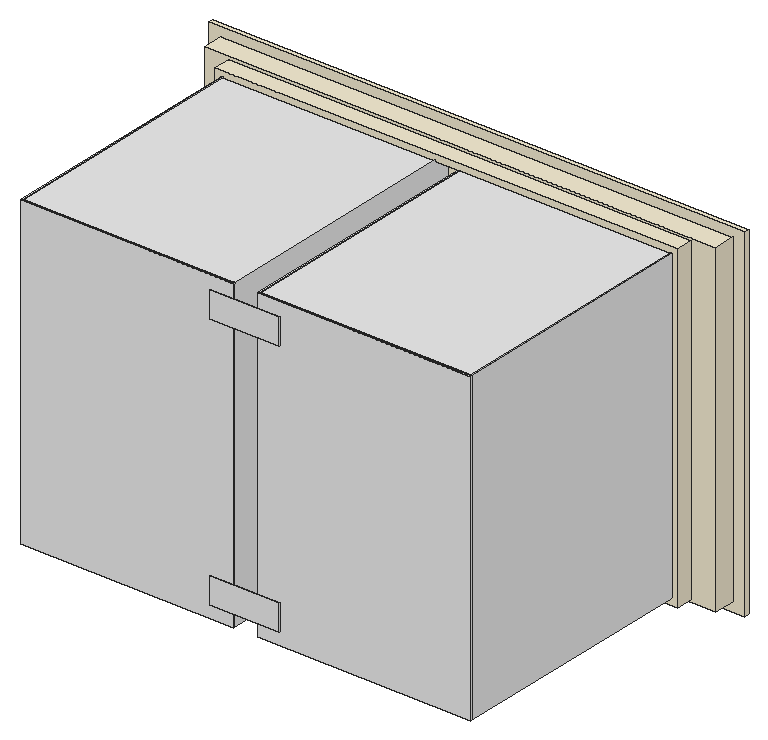
Revit family "4C-5_Door_High_Units_FL.rfa", category Specialty Equipment, host Wall, Revit 2016 (continued)
Definition of nested family "3700 Series 4C OM2 Configuration"
  Automatic sketch dimensions
    plane 26 "Top of Mail Drop Door" to Extrusion 15 sketch curve = 0.09984"
    Extrusion 15 sketch curve to Extrusion 15 sketch curve = 0.01632"
    plane 37 to Extrusion 15 sketch curve = 0.05062"
    Extrusion 15 sketch curve to plane 33 "Mail Slot Bottom Protusion" = 0.01599"
    plane 33 "Mail Slot Bottom Protusion" to Extrusion 15 sketch curve = 0.01227"
    plane 36 "Front of Awning" to Extrusion 15 sketch curve = 0.17915"
    plane 35 to Extrusion 15 sketch curve = 0.02246"
    Extrusion 15 sketch curve to Extrusion 15 sketch curve = 0.0724"
    plane 36 "Front of Awning" to Extrusion 15 sketch curve = 0.04696"
    plane 36 "Front of Awning" to Extrusion 15 sketch curve = 0.02469"
    plane 36 "Front of Awning" to Extrusion 15 sketch curve = 0.00781"
    Extrusion 15 sketch curve to Extrusion 15 sketch curve = 0.05983"
    Extrusion 4 sketch curve to plane 9 = 0.000"
    plane 11 "Center Lock Vertical" to Extrusion 4 sketch curve = 0.000"
    Extrusion 3 sketch curve to plane 9 = 0.000"
    plane 11 "Center Lock Vertical" to Extrusion 3 sketch curve = 0.000"
    radius of Blend 6 sketch curve = 0.15665"
    radius of Blend 6 sketch curve = 0.3125"
    radius of Blend 7 sketch curve = 0.15665"
    radius of Blend 7 sketch curve = 0.3125"
    radius of Blend 8 sketch curve = 0.15665"
    radius of Blend 8 sketch curve = 0.3125"
    radius of Blend 9 sketch curve = 0.15665"
    radius of Blend 9 sketch curve = 0.3125"
    radius of Blend 10 sketch curve = 0.15665"
    radius of Blend 10 sketch curve = 0.3125"
    radius of Blend 11 sketch curve = 0.15665"
    radius of Blend 11 sketch curve = 0.3125"
    radius of Extrusion 4 sketch curve = 0.42913"
    radius of Extrusion 3 sketch curve = 0.4375"
Definition of nested family "4C Latch Lock-Right"
  Parameters (values of type "Lock Latch")
    Width = 1.750"
    Type Comments = "Lock Latch for Aluminum Mailboxes"
    Visible Latch = yes
    Manufacturer = "Salsbury Industries"
    Height = 1.375"
    Depth = 0.244"
    Back Enclosure Material = none
  Reference planes (in)
    plane 1 "Center (Front/Back)": y = 0
    plane 2 "left": z = 0
    plane 3 "Center (Left/Right)": x = 0
    plane 4 "top": x = -0.875
    plane 5 "bottom": x = 0.875
    plane 6 "Front": y = 0.122
    plane 7 "Back": y = -0.122
    plane 8 "Vertical Center": z = 0.6875
    plane 9 "right": z = 1.375
    plane 10: x = -1
    plane 11: x = -1.125
  Forms (in)
    Extrusion 1, solid, material <- "Back Enclosure Material", visible <- "Visible Latch"
      sketch origin (-0.67187, 0, 0.67188) x (0, 0, -1) y (0, 1, 0)
        loop
          line (-0.22131, -0.0902) -> (-0.70312, -0.0902) -> (-0.70312, -0.12209) -> (-0.22129, -0.12209)
          arc (-0.22129, -0.12209) -> (-0.1389, -0.08579) -> (-0.11009, -0.00048) r 0.11165
          arc (-0.11009, -0.00048) -> (-0.01599, 0.09362) -> (0.07812, -0.00048) r 0.09411
          arc (0.07812, -0.00048) -> (0.10866, -0.08591) -> (0.19189, -0.122) r 0.11401
          line (0.19189, -0.122) -> (0.67187, -0.122) -> (0.67187, -0.08954) -> (0.19205, -0.08954)
          arc (0.19205, -0.08954) -> (0.13091, -0.06294) -> (0.10869, -0.00006) r 0.08357
          arc (0.10869, -0.00006) -> (-0.01625, 0.12487) -> (-0.14118, -0.00006) r 0.12494
          arc (-0.14118, -0.00006) -> (-0.16101, -0.06312) -> (-0.22131, -0.0902) r 0.08069
      from -0.20313 to 1.54687
    Extrusion 2, void
      sketch origin (-0.86719, 0.122, 0.78906) x (0, 0, -1) y (1, 0, 0)
        loop
          line (0.02064, 1.43976) -> (0.02064, 0.31562) -> (0.29045, 0.31562) -> (0.29045, 0.47278) -> (0.12796, 0.47278) -> (0.12796, 1.28526) -> (0.27447, 1.28526) -> (0.27447, 1.43976) -> (0.02064, 1.43976)
      from -0.01091 to 0.1442
    Blend 3, solid, material <- "Back Enclosure Material", visible <- "Visible Latch"
      base sketch origin (-0.95312, 0.122, 0.96875) x (0, 0, -1) y (1, 0, 0)
        loop
          circle (-0.1252, 1.55349) r 0.1
      top sketch origin (-0.95312, 0.122, 0.96875) x (0, 0, -1) y (1, 0, 0)
        loop
          circle (-0.1252, 1.55349) r 0.215
      from 0.16742 to 0.21154
    Blend 4, solid, material <- "Back Enclosure Material", visible <- "Visible Latch"
      base sketch origin (-0.95312, 0.122, -0.54015) x (0, 0, -1) y (1, 0, 0)
        loop
          circle (-0.8037, 1.55349) r 0.1
      top sketch origin (-0.95312, 0.122, -0.54015) x (0, 0, -1) y (1, 0, 0)
        loop
          circle (-0.8037, 1.55349) r 0.215
      from 0.16742 to 0.21154
    Blend 5, solid, material <- "Back Enclosure Material", visible <- "Visible Latch"
      base sketch origin (-1.95312, 0.122, 0.96875) x (0, 0, -1) y (1, 0, 0)
        loop
          circle (-0.1252, 1.36599) r 0.1
      top sketch origin (-1.95312, 0.122, 0.96875) x (0, 0, -1) y (1, 0, 0)
        loop
          circle (-0.1252, 1.36599) r 0.215
      from 0.16742 to 0.21154
    Blend 6, solid, material <- "Back Enclosure Material", visible <- "Visible Latch"
      base sketch origin (-1.95312, 0.122, -0.55578) x (0, 0, -1) y (1, 0, 0)
        loop
          circle (-0.8037, 1.36599) r 0.1
      top sketch origin (-1.95312, 0.122, -0.55578) x (0, 0, -1) y (1, 0, 0)
        loop
          circle (-0.8037, 1.36599) r 0.215
      from 0.16742 to 0.21154
    Extrusion 7, solid, material <- "Back Enclosure Material", visible <- "Visible Latch"
      sketch origin (-1.22585, -7.77812, 0.87452) x (0, 0, -1) y (0, 1, 0)
        loop
          circle (0.18702, 7.77784) r 0.09014
      from 0.10085 to 2.10085
    Extrusion 8, solid, material <- "Back Enclosure Material", visible <- "Visible Latch"
      sketch origin (-0.59584, -7.78798, 0.67188) x (1, 0, 0) y (0, 1, 0)
        loop
          circle (0.12087, 7.81979) r 0.05
      from 0.01562 to -0.5
    Extrusion 9, solid, material <- "Back Enclosure Material", visible <- "Visible Latch"
      sketch origin (-1.09375, -0.02845, 1.02999) x (0, 0, -1) y (1, 0, 0)
        loop
          line (0.68574, 0.09375) -> (0.68574, 0.12475) -> (-0.00176, 0.12475) -> (-0.00176, 0.09375) -> (0.68574, 0.09375)
      from -0.25 to 0.09355
    Extrusion 10, void
      sketch origin (-0.969, -7.77845, 0.87437) x (0, 0, -1) y (0, -1, 0)
        loop
          circle (0.18637, -7.77776) r 0.09325
      from 0 to 0.031
  Cuts and joins
    Extrusion 2 cuts Extrusion 1
    Extrusion 10 cuts Extrusion 9
  Dimensions and locks (in)
    equal spacing: plane 7 "Back", plane 1 "Center (Front/Back)", plane 6 "Front"
    "Depth": plane 7 "Back" to plane 6 "Front"
    equal spacing: plane 4 "top", plane 3 "Center (Left/Right)", plane 5 "bottom"
    "Width": plane 4 "top" to plane 5 "bottom"
    equal spacing: plane 9 "right", plane 8 "Vertical Center", plane 2 "left"
    "Height": plane 9 "right" to plane 2 "left"
    plane 10 to plane 4 "top" = 0.125"
    plane 11 to plane 4 "top" = 0.250"
    plane 10 to plane 11 = 0.125"
    aligned and locked: level to plane 2 "left"
  Automatic sketch dimensions
    Extrusion 1 sketch curve to plane 7 "Back" = 0.000"
    Extrusion 1 sketch curve to plane 7 "Back" = 0.0318"
    plane 9 "right" to Extrusion 1 sketch curve = 0.000"
    Extrusion 1 sketch curve to plane 8 "Vertical Center" = 0.20569"
    plane 7 "Back" to Extrusion 1 sketch curve = 0.00009"
    Extrusion 1 sketch curve to plane 8 "Vertical Center" = 0.20567"
    plane 1 "Center (Front/Back)" to Extrusion 1 sketch curve = 0.00006"
    Extrusion 1 sketch curve to plane 8 "Vertical Center" = 0.00062"
    Extrusion 1 sketch curve to Extrusion 1 sketch curve = 0.00026"
    Extrusion 1 sketch curve to Extrusion 1 sketch curve = 0.20788"
    Extrusion 1 sketch curve to Extrusion 1 sketch curve = 0.00016"
    Extrusion 1 sketch curve to level = 0.000"
    Extrusion 1 sketch curve to plane 7 "Back" = 0.03246"
    plane 1 "Center (Front/Back)" to Extrusion 1 sketch curve = 0.01045"
    Extrusion 1 sketch curve to Extrusion 1 sketch curve = 0.00094"
    Extrusion 1 sketch curve to Extrusion 1 sketch curve = 0.00201"
    Extrusion 2 sketch curve to plane 8 "Vertical Center" = 0.08092"
    plane 5 "bottom" to Extrusion 2 sketch curve = 0.45693"
    plane 8 "Vertical Center" to Extrusion 2 sketch curve = 0.0264"
    Extrusion 2 sketch curve to Extrusion 2 sketch curve = 0.16249"
    Extrusion 2 sketch curve to Extrusion 2 sketch curve = 0.14651"
    Extrusion 2 sketch curve to plane 3 "Center (Left/Right)" = 0.3944"
    Extrusion 2 sketch curve to plane 4 "top" = 0.32343"
    plane 5 "bottom" to Extrusion 2 sketch curve = 0.30243"
    plane 5 "bottom" to Blend 3 sketch curve = 0.27463"  (x2)
    Blend 3 sketch curve to plane 8 "Vertical Center" = 0.40645"  (x2)
    plane 5 "bottom" to Blend 4 sketch curve = 0.27463"  (x2)
    level to Blend 4 sketch curve = 0.26355"  (x2)
    Blend 5 sketch curve to plane 8 "Vertical Center" = 0.40645"  (x2)
    Blend 5 sketch curve to plane 3 "Center (Left/Right)" = 0.58713"  (x2)
    level to Blend 6 sketch curve = 0.24792"  (x2)
    Blend 6 sketch curve to plane 3 "Center (Left/Right)" = 0.58713"  (x2)
    plane 1 "Center (Front/Back)" to Extrusion 7 sketch curve = 0.00028"
    plane 8 "Vertical Center" to Extrusion 7 sketch curve = 0.000"
    Extrusion 8 sketch curve to plane 1 "Center (Front/Back)" = 0.03181"
    Extrusion 8 sketch curve to plane 4 "top" = 0.40003"
    Extrusion 9 sketch curve to plane 8 "Vertical Center" = 0.34425"
    level to Extrusion 9 sketch curve = 0.34425"
    plane 4 "top" to Extrusion 9 sketch curve = 0.125"
    Extrusion 9 sketch curve to Extrusion 9 sketch curve = 0.031"
    plane 1 "Center (Front/Back)" to Extrusion 10 sketch curve = 0.0007"
    Extrusion 10 sketch curve to plane 8 "Vertical Center" = 0.0005"
    radius of Blend 3 sketch curve = 0.100"
    radius of Blend 3 sketch curve = 0.215"
    radius of Blend 4 sketch curve = 0.100"
    radius of Blend 4 sketch curve = 0.215"
    radius of Blend 5 sketch curve = 0.100"
    radius of Blend 5 sketch curve = 0.215"
    radius of Blend 6 sketch curve = 0.100"
    radius of Blend 6 sketch curve = 0.215"
    radius of Extrusion 7 sketch curve = 0.09014"
    radius of Extrusion 8 sketch curve = 0.050"
    radius of Extrusion 10 sketch curve = 0.09325"
Definition of nested family "4C Latch Lock-Left"
  Parameters (values of type "Lock Latch")
    Width = 1.750"
    Type Comments = "Lock Latch for Aluminum Mailboxes"
    Visible Latch = yes
    Manufacturer = "Salsbury Industries"
    Height = 1.375"
    Depth = 0.244"
    Back Enclosure Material = none
  Reference planes (in)
    plane 1 "Center (Front/Back)": y = 0
    plane 2 "left": z = 0
    plane 3 "Center (Left/Right)": x = 0
    plane 4 "top": x = -0.875
    plane 5 "bottom": x = 0.875
    plane 6 "Front": y = 0.122
    plane 7 "Back": y = -0.122
    plane 8 "Vertical Center": z = 0.6875
    plane 9 "right": z = 1.375
    plane 10: x = 1
    plane 11: x = 1.125
  Forms (in)
    Extrusion 1, solid, material <- "Back Enclosure Material", visible <- "Visible Latch"
      sketch origin (-0.67187, 0, 0.67188) x (0, 0, -1) y (0, 1, 0)
        loop
          line (-0.22131, -0.0902) -> (-0.70312, -0.0902) -> (-0.70312, -0.12209) -> (-0.22129, -0.12209)
          arc (-0.22129, -0.12209) -> (-0.1389, -0.08579) -> (-0.11009, -0.00048) r 0.11165
          arc (-0.11009, -0.00048) -> (-0.01599, 0.09362) -> (0.07812, -0.00048) r 0.09411
          arc (0.07812, -0.00048) -> (0.10866, -0.08591) -> (0.19189, -0.122) r 0.11401
          line (0.19189, -0.122) -> (0.67187, -0.122) -> (0.67187, -0.08954) -> (0.19205, -0.08954)
          arc (0.19205, -0.08954) -> (0.13091, -0.06294) -> (0.10869, -0.00006) r 0.08357
          arc (0.10869, -0.00006) -> (-0.01625, 0.12487) -> (-0.14118, -0.00006) r 0.12494
          arc (-0.14118, -0.00006) -> (-0.16101, -0.06312) -> (-0.22131, -0.0902) r 0.08069
      from -0.20313 to 1.54687
    Extrusion 2, void
      sketch origin (-0.86719, 0.122, 0.78906) x (0, 0, -1) y (1, 0, 0)
        loop
          line (0.02064, 1.43976) -> (0.02064, 0.31562) -> (0.29045, 0.31562) -> (0.29045, 0.47278) -> (0.12796, 0.47278) -> (0.12796, 1.28526) -> (0.27447, 1.28526) -> (0.27447, 1.43976) -> (0.02064, 1.43976)
      from -0.01091 to 0.1442
    Blend 3, solid, material <- "Back Enclosure Material", visible <- "Visible Latch"
      base sketch origin (-0.95312, 0.122, 0.96875) x (0, 0, -1) y (1, 0, 0)
        loop
          circle (-0.1252, 1.55349) r 0.1
      top sketch origin (-0.95312, 0.122, 0.96875) x (0, 0, -1) y (1, 0, 0)
        loop
          circle (-0.1252, 1.55349) r 0.215
      from 0.16742 to 0.21154
    Blend 4, solid, material <- "Back Enclosure Material", visible <- "Visible Latch"
      base sketch origin (-0.95312, 0.122, -0.54015) x (0, 0, -1) y (1, 0, 0)
        loop
          circle (-0.8037, 1.55349) r 0.1
      top sketch origin (-0.95312, 0.122, -0.54015) x (0, 0, -1) y (1, 0, 0)
        loop
          circle (-0.8037, 1.55349) r 0.215
      from 0.16742 to 0.21154
    Blend 5, solid, material <- "Back Enclosure Material", visible <- "Visible Latch"
      base sketch origin (-1.95312, 0.122, 0.96875) x (0, 0, -1) y (1, 0, 0)
        loop
          circle (-0.1252, 1.36599) r 0.1
      top sketch origin (-1.95312, 0.122, 0.96875) x (0, 0, -1) y (1, 0, 0)
        loop
          circle (-0.1252, 1.36599) r 0.215
      from 0.16742 to 0.21154
    Blend 6, solid, material <- "Back Enclosure Material", visible <- "Visible Latch"
      base sketch origin (-1.95312, 0.122, -0.55578) x (0, 0, -1) y (1, 0, 0)
        loop
          circle (-0.8037, 1.36599) r 0.1
      top sketch origin (-1.95312, 0.122, -0.55578) x (0, 0, -1) y (1, 0, 0)
        loop
          circle (-0.8037, 1.36599) r 0.215
      from 0.16742 to 0.21154
    Extrusion 7, solid, material <- "Back Enclosure Material", visible <- "Visible Latch"
      sketch origin (-1.22585, -7.77812, 0.87452) x (0, 0, -1) y (0, 1, 0)
        loop
          circle (0.18702, 7.77784) r 0.09014
      from 0.35085 to 2.35085
    Extrusion 8, solid, material <- "Back Enclosure Material", visible <- "Visible Latch"
      sketch origin (0.37291, -7.78798, 0.67188) x (1, 0, 0) y (0, 1, 0)
        loop
          circle (0.12087, 7.81979) r 0.05
      from 0.01562 to -0.5
    Extrusion 9, solid, material <- "Back Enclosure Material", visible <- "Visible Latch"
      sketch origin (0.87525, -0.02845, 1.02999) x (0, 0, -1) y (1, 0, 0)
        loop
          line (0.68574, 0.09375) -> (0.68574, 0.12475) -> (-0.00176, 0.12475) -> (-0.00176, 0.09375) -> (0.68574, 0.09375)
      from -0.25 to 0.09355
    Extrusion 10, void
      sketch origin (1, -7.77845, 0.87437) x (0, 0, -1) y (0, -1, 0)
        loop
          circle (0.18637, -7.77776) r 0.09325
      from 0 to 0.031
  Cuts and joins
    Extrusion 2 cuts Extrusion 1
    Extrusion 10 cuts Extrusion 9
  Dimensions and locks (in)
    equal spacing: plane 7 "Back", plane 1 "Center (Front/Back)", plane 6 "Front"
    "Depth": plane 7 "Back" to plane 6 "Front"
    equal spacing: plane 4 "top", plane 3 "Center (Left/Right)", plane 5 "bottom"
    "Width": plane 4 "top" to plane 5 "bottom"
    equal spacing: plane 9 "right", plane 8 "Vertical Center", plane 2 "left"
    "Height": plane 9 "right" to plane 2 "left"
    plane 4 "top" to plane 10 = 1.875"
    plane 5 "bottom" to plane 11 = 0.250"
    plane 11 to plane 10 = 0.125"
    aligned and locked: level to plane 2 "left"
  Automatic sketch dimensions
    Extrusion 1 sketch curve to plane 7 "Back" = 0.000"
    Extrusion 1 sketch curve to plane 7 "Back" = 0.0318"
    plane 9 "right" to Extrusion 1 sketch curve = 0.000"
    Extrusion 1 sketch curve to plane 8 "Vertical Center" = 0.20569"
    plane 7 "Back" to Extrusion 1 sketch curve = 0.00009"
    Extrusion 1 sketch curve to plane 8 "Vertical Center" = 0.20567"
    plane 1 "Center (Front/Back)" to Extrusion 1 sketch curve = 0.00006"
    Extrusion 1 sketch curve to plane 8 "Vertical Center" = 0.00062"
    Extrusion 1 sketch curve to Extrusion 1 sketch curve = 0.00026"
    Extrusion 1 sketch curve to Extrusion 1 sketch curve = 0.20788"
    Extrusion 1 sketch curve to Extrusion 1 sketch curve = 0.00016"
    Extrusion 1 sketch curve to level = 0.000"
    Extrusion 1 sketch curve to plane 7 "Back" = 0.03246"
    plane 1 "Center (Front/Back)" to Extrusion 1 sketch curve = 0.01045"
    Extrusion 1 sketch curve to Extrusion 1 sketch curve = 0.00094"
    Extrusion 1 sketch curve to Extrusion 1 sketch curve = 0.00201"
    Extrusion 2 sketch curve to plane 8 "Vertical Center" = 0.08092"
    plane 5 "bottom" to Extrusion 2 sketch curve = 0.45693"
    plane 8 "Vertical Center" to Extrusion 2 sketch curve = 0.0264"
    Extrusion 2 sketch curve to Extrusion 2 sketch curve = 0.16249"
    Extrusion 2 sketch curve to Extrusion 2 sketch curve = 0.14651"
    Extrusion 2 sketch curve to plane 3 "Center (Left/Right)" = 0.3944"
    Extrusion 2 sketch curve to plane 4 "top" = 0.32343"
    plane 5 "bottom" to Extrusion 2 sketch curve = 0.30243"
    plane 5 "bottom" to Blend 3 sketch curve = 0.27463"  (x2)
    Blend 3 sketch curve to plane 8 "Vertical Center" = 0.40645"  (x2)
    plane 5 "bottom" to Blend 4 sketch curve = 0.27463"  (x2)
    level to Blend 4 sketch curve = 0.26355"  (x2)
    Blend 5 sketch curve to plane 8 "Vertical Center" = 0.40645"  (x2)
    Blend 5 sketch curve to plane 3 "Center (Left/Right)" = 0.58713"  (x2)
    level to Blend 6 sketch curve = 0.24792"  (x2)
    Blend 6 sketch curve to plane 3 "Center (Left/Right)" = 0.58713"  (x2)
    plane 1 "Center (Front/Back)" to Extrusion 7 sketch curve = 0.00028"
    plane 8 "Vertical Center" to Extrusion 7 sketch curve = 0.000"
    Extrusion 8 sketch curve to plane 1 "Center (Front/Back)" = 0.03181"
    Extrusion 8 sketch curve to plane 4 "top" = 1.36878"
    Extrusion 9 sketch curve to plane 8 "Vertical Center" = 0.34425"
    level to Extrusion 9 sketch curve = 0.34425"
    Extrusion 9 sketch curve to plane 4 "top" = 1.844"
    Extrusion 9 sketch curve to Extrusion 9 sketch curve = 0.031"
    plane 1 "Center (Front/Back)" to Extrusion 10 sketch curve = 0.0007"
    Extrusion 10 sketch curve to plane 8 "Vertical Center" = 0.0005"
    radius of Blend 3 sketch curve = 0.100"
    radius of Blend 3 sketch curve = 0.215"
    radius of Blend 4 sketch curve = 0.100"
    radius of Blend 4 sketch curve = 0.215"
    radius of Blend 5 sketch curve = 0.100"
    radius of Blend 5 sketch curve = 0.215"
    radius of Blend 6 sketch curve = 0.100"
    radius of Blend 6 sketch curve = 0.215"
    radius of Extrusion 7 sketch curve = 0.09014"
    radius of Extrusion 8 sketch curve = 0.050"
    radius of Extrusion 10 sketch curve = 0.09325"
Types (7): name | Width | Vertical Center Divider | Top Back Plate | Right Inside Wall | Model | Left Inside Wall | Latch Alignment | Door Slot R5 Number | Door Slot R5 | Door Slot R4 Number | Door Slot R4 | Door Slot R3 | Door Slot R2 | Door Slot R1 Number | Door Slot R1 | Door Slot L5 Number | Door Slot L5 | Door Slot L4 Number | Door Slot L4 | Door Slot L3 Number | Door Slot L3 | Door Slot L2 Number | Door Slot L2 | Door Slot L1 Number | Door Slot L1 | Description | Center Extrusion Offset | Bottom Back Plate
  3705D-08 FL | 31.09766" | yes | yes | yes | "3705D-08 FL" | yes | 14.85742" | "8" | 3700 Series 4C Door Configurations : MB1 Door w/ Divider | "7" | 3700 Series 4C Door Configurations : MB1 Door w/ Divider | 3700 Series 4C OM2 Configuration : OM2-FL | 3700 Series 4C Door Configurations : Empty | "6" | 3700 Series 4C Door Configurations : MB1 Door | "5" | 3700 Series 4C Door Configurations : MB1 Door w/ Divider | "4" | 3700 Series 4C Door Configurations : MB1 Door w/ Divider | "3" | 3700 Series 4C Door Configurations : MB1 Door w/ Divider | "2" | 3700 Series 4C Door Configurations : MB1 Door w/ Divider | "1" | 3700 Series 4C Door Configurations : MB1 Door | "5 Door High Unit: 8 MB1, OM2" | 0.000" | yes
  3705S-03 FL | 16.34375" | no | no | no | "3705S-03 FL" | no | 13.876" | "3" | 3700 Series 4C Door Configurations : MB1 Door w/ Divider | "2" | 3700 Series 4C Door Configurations : MB1 Door w/ Divider | 3700 Series 4C OM2 Configuration : OM2-FL | 3700 Series 4C Door Configurations : Empty | "1" | 3700 Series 4C Door Configurations : MB1 Door | "0" | 3700 Series 4C Door Configurations : Empty | "0" | 3700 Series 4C Door Configurations : Empty | "0" | 3700 Series 4C Door Configurations : Empty | "0" | 3700 Series 4C Door Configurations : Empty | "0" | 3700 Series 4C Door Configurations : Empty | "5 Door High Unit: 3 MB1, OM2" | 48.000" | no
  3705S-1P FL | 16.34375" | no | no | no | "3705S-1P FL" | no | 13.876" | "1P" | 3700 Series 4C Parcel Configurations : PL5 | "0" | 3700 Series 4C Door Configurations : Empty | 3700 Series 4C Door Configurations : Empty | 3700 Series 4C Door Configurations : Empty | "0" | 3700 Series 4C Door Configurations : Empty | "0" | 3700 Series 4C Door Configurations : Empty | "0" | 3700 Series 4C Door Configurations : Empty | "0" | 3700 Series 4C Door Configurations : Empty | "0" | 3700 Series 4C Door Configurations : Empty | "0" | 3700 Series 4C Door Configurations : Empty | "5 Door High Unit: 1 PL5" | 48.000" | no
  3705D-07 FL | 31.09766" | yes | yes | yes | "3705D-07 FL" | yes | 14.85742" | "7" | 3700 Series 4C Door Configurations : MB1 Door w/ Divider | "0" | 3700 Series 4C OM3 Configuration : OM3-FL | 3700 Series 4C Door Configurations : Empty | 3700 Series 4C Door Configurations : Empty | "6" | 3700 Series 4C Door Configurations : MB1 Door | "5" | 3700 Series 4C Door Configurations : MB1 Door w/ Divider | "4" | 3700 Series 4C Door Configurations : MB1 Door w/ Divider | "3" | 3700 Series 4C Door Configurations : MB1 Door w/ Divider | "2" | 3700 Series 4C Door Configurations : MB1 Door w/ Divider | "1" | 3700 Series 4C Door Configurations : MB1 Door | "5 Door High Unit: 7 MB1, OM3" | 0.000" | yes
  3705D-03 FL | 31.09766" | yes | yes | yes | "3705D-03 FL" | yes | 14.85742" | "3" | 3700 Series 4C Door Configurations : MB1 Door w/ Divider | "2" | 3700 Series 4C Door Configurations : MB1 Door w/ Divider | 3700 Series 4C OM2 Configuration : OM2-FL | 3700 Series 4C Door Configurations : Empty | "1" | 3700 Series 4C Door Configurations : MB1 Door | "1P" | 3700 Series 4C Parcel Configurations : PL5 | "0" | 3700 Series 4C Door Configurations : Empty | "0" | 3700 Series 4C Door Configurations : Empty | "0" | 3700 Series 4C Door Configurations : Empty | "0" | 3700 Series 4C Door Configurations : Empty | "5 Door High Unit: 3 MB1, 1 PL5, OM2" | 0.000" | yes
  3705D-01 FL | 31.09766" | yes | yes | yes | "3705D-01 FL" | yes | 14.85742" | "1" | 3700 Series 4C Door Configurations : MB3 Door w/ Divider | "0" | 3700 Series 4C Door Configurations : Empty | 3700 Series 4C Door Configurations : Empty | 3700 Series 4C OM2 Configuration : OM2-FL | "0" | 3700 Series 4C Door Configurations : Empty | "1P" | 3700 Series 4C Parcel Configurations : PL5 | "0" | 3700 Series 4C Door Configurations : Empty | "0" | 3700 Series 4C Door Configurations : Empty | "0" | 3700 Series 4C Door Configurations : Empty | "0" | 3700 Series 4C Door Configurations : Empty | "5 Door High Unit: 1 MB3, 1 PL5, OM2" | 0.000" | yes
  3705D-2P FL | 31.09766" | yes | yes | yes | "3705D-2P FL" | yes | 14.85742" | "2P" | 3700 Series 4C Parcel Configurations : PL5 | "0" | 3700 Series 4C Door Configurations : Empty | 3700 Series 4C Door Configurations : Empty | 3700 Series 4C Door Configurations : Empty | "0" | 3700 Series 4C Door Configurations : Empty | "1P" | 3700 Series 4C Parcel Configurations : PL5 | "0" | 3700 Series 4C Door Configurations : Empty | "0" | 3700 Series 4C Door Configurations : Empty | "0" | 3700 Series 4C Door Configurations : Empty | "0" | 3700 Series 4C Door Configurations : Empty | "5 Door High Unit: 2 PL5" | 0.000" | yes
